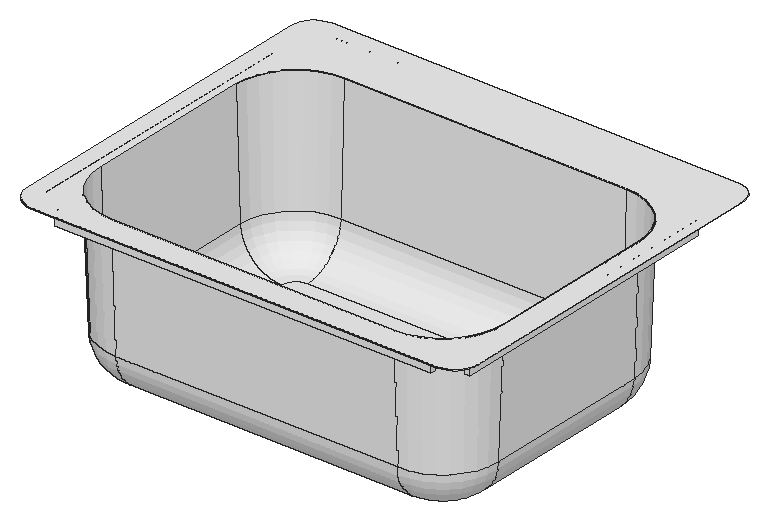
Revit family "Reece_Sink_Posh_Domaine_Inset or Undermount Sink_600 mm", category Plumbing Fixtures, host Face, Revit 2018
Family settings
  Host = Face
  Round Connector Dimension = Use Diameter
  Part Type = Normal
  Cut with Voids When Loaded = Yes
  Shared = Yes
  Room Calculation Point = Yes
Parameters (values of type "45 L_Single Bowl_1 Taphole_Stainless Steel")
  WFU = 0  # constant formula
  URL = "https://www.reece.com.au/product/-2408003"
  Type Comments = "Sink"
  Reece_Taphole_Level [instance] = if(Reece_Sink_is_Undermount, 0 mm, 1 mm)  # 0 mm
  Reece_Sink_is_Undermount [instance] = yes
  Reece_Sink_Undermount_Offset_formula [instance] = if(Reece_Sink_is_Undermount, Reece_Sink_Undermount_Offset + 1 mm, 0 mm)  # 21 mm
  Reece_Sink_Undermount_Offset [instance] = if(Reece_Benchtop_Thickness < 10 mm, 10 mm, if(Reece_Benchtop_Thickness > 50 mm, 50 mm, Reece_Benchtop_Thickness))  # 20 mm
  Reece_Sink_Outlet = 90 mm  # constant formula
  Reece_Product_Web Page = "https://www.reece.com.au/product/-2408003"
  Reece_Product_Type = "Sink"  # constant formula
  Reece_Product_Sub Brand = "Domaine"  # constant formula
  Reece_Product_Number = "2408003"
  Reece_Product_Mount = "Inset / Undermount"
  Reece_Product_Description = "Posh Domaine Trough 45L with 1 Centre Taphole Stainless Steel"
  Reece_Product_Brand = "Posh"  # constant formula
  Reece_Overall_Width = 500 mm  # constant formula
  Reece_Overall_Length = 600 mm  # constant formula
  Reece_Overall_Height = 225 mm  # constant formula
  Reece_Overall_Capacity = 45.00 L  # constant formula
  Reece_Material-Main [instance] = Reece_Metal_Stainless Steel_Satin
  Reece_Detail_Taphole Configuration = "1 Taphole"  # constant formula
  Reece_Detail_Installation = "Inset / Undermount Sink"  # constant formula
  Reece_Detail_Disclaimer = "THIS FILE IS THE PROPERTY OF THE REECE GROUP. IT MAY NOT BE REPRODUCED, REVERSE-ENGINEERED OR MODIFIED. ANY REPUBLICATION, TRANSMISSION OR DISTRIBUTION FOR THE PURPOSE OF COMMERCIALLY EXPLOITING THE FILES IS PROHIBITED."  # constant formula
  Reece_Detail_Bowl Type = "Single Bowl"  # constant formula
  Reece_Detail_Additional = "No Drainer"  # constant formula
  Reece_Benchtop_Thickness [instance] = 20 mm
  Model = "Domaine"
  Manufacturer = "Posh"
  Keynote = "Product #2408003, Reece_Sink_Posh_Domaine_Inset or Undermount Sink_600 mm - 45 L_Single Bowl_1 Taphole_Stainless Steel"
  HWFU = 0  # constant formula
  Disclaimer = "THIS FILE IS THE PROPERTY OF THE REECE GROUP. IT MAY NOT BE REPRODUCED, REVERSE-ENGINEERED OR MODIFIED. ANY REPUBLICATION, TRANSMISSION OR DISTRIBUTION FOR THE PURPOSE OF COMMERCIALLY EXPLOITING THE FILES IS PROHIBITED."  # constant formula
  Description = "Posh Domaine Trough 45L with 1 Centre Taphole Stainless Steel"
  Default Elevation = 1000 mm
  CWFU = 0  # constant formula
Types (2, lengths in mm): name | Keynote
  (no name) | "Product #2408003, Reece_Sink_Posh_Domaine_Inset or Undermount Sink_600 mm -  "
  45 L_Single Bowl_1 Taphole_Stainless Steel | "Product #2408003, Reece_Sink_Posh_Domaine_Inset or Undermount Sink_600 mm - 45 L_Single Bowl_1 Taphole_Stainless Steel"
Reference planes
  plane 1 "Center (Front/Back)": y = -79.125
  plane 2: z = 0
  plane 3 "Center (Left/Right)": x = 0
  plane 4: y = -309.125
  plane 5: y = 190.875
  plane 6: y = -276.625
  plane 7: x = -267.5
  plane 8: y = 108.375
  plane 9: x = -300
  plane 10: x = 300
  plane 11: y = 138.875
  plane 12: x = 267.5
  plane 13 "Waste": y = -84.125
  plane 14: z = -246
  plane 15 "Bottom of Lip": z = -21
  plane 16 "Taphole": z = 0
Forms (mm)
  Extrusion 1, void
    sketch origin (0, -84.125, -296) x (0, -1, 0) y (1, 0, 0)
      loop
        arc (-193.65, -187.5) -> (-169.882, -244.882) -> (-112.5, -268.65) r 81.15
        line (-112.5, -268.65) -> (112.5, -268.65)
        arc (112.5, -268.65) -> (169.882, -244.882) -> (193.65, -187.5) r 81.15
        line (193.65, -187.5) -> (193.65, 187.5)
        arc (193.65, 187.5) -> (169.882, 244.882) -> (112.5, 268.65) r 81.15
        line (112.5, 268.65) -> (-112.5, 268.65)
        arc (-112.5, 268.65) -> (-169.882, 244.882) -> (-193.65, 187.5) r 81.15
        line (-193.65, 187.5) -> (-193.65, -187.5)
    from -20 to 296
Lines and regions (mm)
  model lines
    curve 1: circle (0, 138.875, 0) r 17.5 normal (0, 0, 1)
Text (mm)
  text "Reece Copyright © 2018, Reece Ltd." at (-902.343, -740.328, 0), in view "Ref. Level"
  text "Reece ©" at (544.88, -3.639, -570.74), in view "Reece Preview"
Dimensions and locks
  host sketch curve to plane 3 "Center (Left/Right)" = 440 mm  (x2)
  plane 3 "Center (Left/Right)" to host sketch curve = 431.256 mm  (x2)
  plane 1 "Center (Front/Back)" to host sketch curve = 390 mm
  host sketch curve to plane 1 "Center (Front/Back)" = 389.206 mm
  "Reece_Overall_Width": plane 5 to plane 4
  plane 5 to plane 11 = 52 mm
  "Reece_Overall_Length": plane 9 to plane 10
  plane 8 to plane 6 = 385 mm
  equal spacing: plane 7, plane 3 "Center (Left/Right)", plane 12
  plane 7 to plane 12 = 535 mm
  plane 6 to plane 4 = 32.5 mm
  equal spacing: plane 8, plane 13 "Waste", plane 6
  "Reece_Sink_Undermount_Offset_formula": level to plane 15 "Bottom of Lip"
  "Reece_Taphole_Level": plane 16 "Taphole" to level
  locked: plane 15 "Bottom of Lip" to plane 14 at 225
  aligned and locked: plane 2 to host face
  aligned and locked: level to host face
  aligned and locked: level to Extrusion 1
Automatic sketch dimensions
  curve 1 to plane 3 "Center (Left/Right)" = 0 mm
  curve 1 to plane 11 = 0 mm
  Extrusion 1 sketch curve to nested 1 = 193.65 mm
  Extrusion 1 sketch curve to nested 1 = 112.5 mm
  Extrusion 1 sketch curve to Extrusion 1 sketch curve = 81.15 mm  (x2)
  nested 1 to Extrusion 1 sketch curve = 112.5 mm  (x2)
  Extrusion 1 sketch curve to Extrusion 1 sketch curve = 375 mm
  radius of curve 1 = 17.5 mm
Nested families
  nested 1: "Reece_Sink_Posh_Domaine_Inset or Undermount Sink_600 mm_Nested" at (0, 0, -21), Reece_Material-Main <- "Reece_Material-Main", type "Reece_Sink_Posh_Domaine_Inset or Undermount Sink_600 mm_Nested"
    with Reece_Material-Main Reece_Metal_Stainless Steel_Satin
Connectors
  piping at (0, -84.125, -296), diameter 90, driven by "Reece_Sink_Outlet"
    settings: on nested 1, index 1, connector inside diameter 609.6 mm, connector length 0 mm, flow factor 0, pipe flow 0.0 L/s, pressure drop 0.0 Pa, fitting loss kfactor 0, connector angle 0.00°, fixture units 0, engagement length 0 mm, angle of deflection 0.00°, flow configuration 0, flow direction 2, fitting loss method 0, system type 16, joint type 0, gender type 0, connector reference index -1, connector utility 0, adjustable connector no, is connector primary yes, connector description ""
Definition of nested family "Reece_Sink_Posh_Domaine_Inset or Undermount Sink_600 mm_Nested"
  Parameters (values of type "Reece_Posh_Domaine_Inset or Undermount Sink_600 mm_Nested")
    Waste Connection = no
    WFU = 0
    Vent Connection = no
    URL = ""
    Type Comments = ""
    Reece_Material-Main [instance] = none
    Model = ""
    Manufacturer = ""
    Keynote = ""
    HWFU = 0
    HW Connection = no
    Description = ""
    Default Elevation = 0 mm
    Cost = 0
    CWFU = 0
    CW Connection = no
    Assembly Code = ""
  Reference planes
    plane 1 "Center (Front/Back)": y = -79.125
    plane 2 "Bottom": z = 0
    plane 3 "Center (Left/Right)": x = 0
    plane 4: y = -309.125
    plane 5: y = 190.875
    plane 6: y = -276.625
    plane 7: x = -267.5
    plane 8: y = 108.375
    plane 9: x = -300
    plane 10: x = 300
    plane 11: y = 138.875
    plane 12: x = 267.5
    plane 13 "Waste": y = -84.125
    plane 14: z = -225
  Forms (mm)
    Extrusion 1, solid
      sketch origin (619.2, -619.2, 0) x (1, 0, 0) y (0, 1, 0)
        loop
          line (-1059.2, 930.075) -> (-1059.2, 150.87) -> (-187.944, 150.87) -> (-187.944, 930.075) -> (-1059.2, 930.075)
      from 0 to -300
    Extrusion 2, void
      sketch origin (0, -5, 0) x (1, 0, 0) y (0, 1, 0)
        loop
          line (-37.161, -67.173) -> (-27.759, -70.608)
          spline (-27.759, -70.608) -> (-27.418, -70.731) -> (-27.05, -70.736) -> (-26.685, -70.624) -> (-26.352, -70.403) -> (-26.078, -70.091) -> (-25.886, -69.713) -> (-25.79, -69.3) -> (-25.799, -68.885) -> (-25.912, -68.502) -> (-26.119, -68.181) -> (-26.405, -67.948) -> (-26.745, -67.823)
          line (-26.745, -67.823) -> (-36.165, -64.431)
          spline (-36.165, -64.431) -> (-36.465, -64.263) -> (-36.811, -64.231) -> (-37.169, -64.335) -> (-37.506, -64.568) -> (-37.79, -64.906) -> (-37.996, -65.319) -> (-38.103, -65.767) -> (-38.102, -66.209) -> (-37.992, -66.603) -> (-37.785, -66.913) -> (-37.499, -67.109) -> (-37.161, -67.173)
        loop
          spline (-23.172, -61.627) -> (-22.894, -61.859) -> (-22.55, -61.99) -> (-22.168, -62.01) -> (-21.78, -61.916) -> (-21.416, -61.716) -> (-21.106, -61.427) -> (-20.875, -61.072) -> (-20.741, -60.679) -> (-20.716, -60.28) -> (-20.801, -59.908) -> (-20.99, -59.592) -> (-21.267, -59.357)
          line (-21.267, -59.357) -> (-28.958, -52.948)
          spline (-28.958, -52.948) -> (-29.183, -52.688) -> (-29.497, -52.539) -> (-29.869, -52.515) -> (-30.265, -52.618) -> (-30.648, -52.839) -> (-30.982, -53.156) -> (-31.236, -53.541) -> (-31.386, -53.956) -> (-31.418, -54.364) -> (-31.33, -54.726) -> (-31.128, -55.008) -> (-30.832, -55.184)
          line (-30.832, -55.184) -> (-23.172, -61.627)
        loop
          spline (-15.79, -54.757) -> (-15.608, -55.07) -> (-15.33, -55.311) -> (-14.978, -55.46) -> (-14.581, -55.505) -> (-14.17, -55.442) -> (-13.78, -55.276) -> (-13.441, -55.021) -> (-13.181, -54.698) -> (-13.021, -54.331) -> (-12.974, -53.952) -> (-13.043, -53.591) -> (-13.223, -53.276)
          line (-13.223, -53.276) -> (-18.259, -44.622)
          spline (-18.259, -44.622) -> (-18.382, -44.301) -> (-18.625, -44.054) -> (-18.966, -43.904) -> (-19.374, -43.865) -> (-19.809, -43.942) -> (-20.232, -44.126) -> (-20.602, -44.4) -> (-20.886, -44.739) -> (-21.055, -45.112) -> (-21.095, -45.482) -> (-21.002, -45.816) -> (-20.785, -46.083)
          line (-20.785, -46.083) -> (-15.79, -54.757)
        loop
          spline (-6.504, -50.826) -> (-6.44, -51.183) -> (-6.26, -51.504) -> (-5.981, -51.765) -> (-5.623, -51.942) -> (-5.216, -52.023) -> (-4.792, -52.001) -> (-4.387, -51.878) -> (-4.032, -51.662) -> (-3.756, -51.373) -> (-3.582, -51.033) -> (-3.523, -50.669) -> (-3.585, -50.312)
          line (-3.585, -50.312) -> (-5.357, -40.458)
          spline (-5.357, -40.458) -> (-5.362, -40.114) -> (-5.507, -39.799) -> (-5.776, -39.541) -> (-6.146, -39.365) -> (-6.582, -39.288) -> (-7.042, -39.317) -> (-7.483, -39.448) -> (-7.866, -39.67) -> (-8.152, -39.962) -> (-8.317, -40.296) -> (-8.344, -40.642) -> (-8.23, -40.966)
          line (-8.23, -40.966) -> (-6.504, -50.826)
        loop
          line (5.317, -40.453) -> (3.567, -50.308)
          spline (3.567, -50.308) -> (3.505, -50.665) -> (3.564, -51.029) -> (3.738, -51.369) -> (4.013, -51.659) -> (4.368, -51.874) -> (4.773, -51.998) -> (5.197, -52.02) -> (5.604, -51.939) -> (5.962, -51.762) -> (6.242, -51.502) -> (6.421, -51.18) -> (6.486, -50.824)
          line (6.486, -50.824) -> (8.191, -40.957)
          spline (8.191, -40.957) -> (8.303, -40.633) -> (8.276, -40.287) -> (8.11, -39.953) -> (7.823, -39.661) -> (7.44, -39.44) -> (6.998, -39.309) -> (6.538, -39.281) -> (6.103, -39.359) -> (5.734, -39.535) -> (5.465, -39.793) -> (5.321, -40.109) -> (5.317, -40.453)
        loop
          spline (13.208, -53.266) -> (13.028, -53.581) -> (12.958, -53.942) -> (13.005, -54.321) -> (13.165, -54.688) -> (13.425, -55.011) -> (13.763, -55.266) -> (14.154, -55.432) -> (14.564, -55.496) -> (14.961, -55.451) -> (15.313, -55.303) -> (15.592, -55.062) -> (15.774, -54.749)
          line (15.774, -54.749) -> (20.751, -46.061)
          spline (20.751, -46.061) -> (20.968, -45.794) -> (21.06, -45.459) -> (21.019, -45.089) -> (20.848, -44.717) -> (20.565, -44.378) -> (20.194, -44.104) -> (19.771, -43.92) -> (19.336, -43.845) -> (18.928, -43.884) -> (18.587, -44.034) -> (18.345, -44.282) -> (18.223, -44.603)
          line (18.223, -44.603) -> (13.208, -53.266)
        loop
          spline (21.256, -59.343) -> (20.978, -59.577) -> (20.79, -59.893) -> (20.704, -60.265) -> (20.729, -60.664) -> (20.863, -61.057) -> (21.093, -61.413) -> (21.403, -61.702) -> (21.767, -61.902) -> (22.155, -61.996) -> (22.537, -61.977) -> (22.881, -61.846) -> (23.16, -61.614)
          line (23.16, -61.614) -> (30.808, -55.152)
          spline (30.808, -55.152) -> (31.103, -54.975) -> (31.304, -54.693) -> (31.392, -54.33) -> (31.359, -53.922) -> (31.209, -53.507) -> (30.954, -53.122) -> (30.619, -52.805) -> (30.236, -52.585) -> (29.84, -52.483) -> (29.468, -52.508) -> (29.155, -52.657) -> (28.931, -52.918)
          line (28.931, -52.918) -> (21.256, -59.343)
        loop
          spline (26.739, -67.806) -> (26.399, -67.931) -> (26.114, -68.163) -> (25.906, -68.484) -> (25.793, -68.867) -> (25.784, -69.282) -> (25.879, -69.695) -> (26.071, -70.073) -> (26.345, -70.385) -> (26.678, -70.606) -> (27.043, -70.719) -> (27.411, -70.714) -> (27.752, -70.591)
          line (27.752, -70.591) -> (37.149, -67.134)
          spline (37.149, -67.134) -> (37.487, -67.07) -> (37.772, -66.873) -> (37.979, -66.562) -> (38.088, -66.168) -> (38.088, -65.726) -> (37.98, -65.277) -> (37.774, -64.865) -> (37.489, -64.527) -> (37.152, -64.296) -> (36.794, -64.192) -> (36.449, -64.225) -> (36.149, -64.393)
          line (36.149, -64.393) -> (26.739, -67.806)
        loop
          arc (29, -77.625) -> (27.5, -79.125) -> (29, -80.625) r 1.5
          line (29, -80.625) -> (39, -80.625)
          arc (39, -80.625) -> (40.5, -79.125) -> (39, -77.625) r 1.5
          line (39, -77.625) -> (29, -77.625)
        loop
          spline (27.759, -87.642) -> (27.418, -87.519) -> (27.05, -87.513) -> (26.685, -87.625) -> (26.352, -87.846) -> (26.078, -88.158) -> (25.886, -88.536) -> (25.79, -88.949) -> (25.799, -89.364) -> (25.912, -89.747) -> (26.119, -90.068) -> (26.405, -90.301) -> (26.745, -90.426)
          line (26.745, -90.426) -> (36.165, -93.819)
          spline (36.165, -93.819) -> (36.465, -93.986) -> (36.811, -94.019) -> (37.169, -93.914) -> (37.506, -93.681) -> (37.79, -93.343) -> (37.996, -92.93) -> (38.103, -92.482) -> (38.102, -92.04) -> (37.992, -91.646) -> (37.785, -91.336) -> (37.499, -91.14) -> (37.161, -91.076)
          line (37.161, -91.076) -> (27.759, -87.642)
        loop
          line (30.832, -103.065) -> (23.172, -96.622)
          spline (23.172, -96.622) -> (22.894, -96.39) -> (22.55, -96.259) -> (22.168, -96.239) -> (21.78, -96.333) -> (21.416, -96.533) -> (21.106, -96.822) -> (20.875, -97.177) -> (20.741, -97.57) -> (20.716, -97.969) -> (20.801, -98.342) -> (20.99, -98.658) -> (21.267, -98.892)
          line (21.267, -98.892) -> (28.958, -105.302)
          spline (28.958, -105.302) -> (29.183, -105.562) -> (29.497, -105.71) -> (29.869, -105.734) -> (30.265, -105.631) -> (30.648, -105.411) -> (30.982, -105.093) -> (31.236, -104.709) -> (31.386, -104.293) -> (31.418, -103.885) -> (31.33, -103.523) -> (31.128, -103.241) -> (30.832, -103.065)
        loop
          spline (15.79, -103.492) -> (15.608, -103.179) -> (15.33, -102.938) -> (14.978, -102.789) -> (14.581, -102.745) -> (14.17, -102.808) -> (13.78, -102.973) -> (13.441, -103.228) -> (13.181, -103.552) -> (13.021, -103.918) -> (12.974, -104.297) -> (13.043, -104.659) -> (13.223, -104.973)
          line (13.223, -104.973) -> (18.259, -113.627)
          spline (18.259, -113.627) -> (18.382, -113.949) -> (18.625, -114.196) -> (18.966, -114.345) -> (19.374, -114.384) -> (19.809, -114.308) -> (20.232, -114.124) -> (20.602, -113.849) -> (20.886, -113.51) -> (21.055, -113.137) -> (21.095, -112.767) -> (21.002, -112.433) -> (20.785, -112.167)
          line (20.785, -112.167) -> (15.79, -103.492)
        loop
          spline (6.504, -107.423) -> (6.44, -107.066) -> (6.26, -106.745) -> (5.981, -106.485) -> (5.623, -106.307) -> (5.216, -106.226) -> (4.792, -106.248) -> (4.387, -106.372) -> (4.032, -106.587) -> (3.756, -106.876) -> (3.582, -107.216) -> (3.523, -107.58) -> (3.585, -107.937)
          line (3.585, -107.937) -> (5.357, -117.792)
          spline (5.357, -117.792) -> (5.362, -118.135) -> (5.507, -118.451) -> (5.776, -118.708) -> (6.146, -118.884) -> (6.582, -118.961) -> (7.042, -118.933) -> (7.483, -118.801) -> (7.866, -118.579) -> (8.152, -118.288) -> (8.317, -117.953) -> (8.344, -117.607) -> (8.23, -117.283)
          line (8.23, -117.283) -> (6.504, -107.423)
        loop
          spline (-3.567, -107.941) -> (-3.505, -107.584) -> (-3.564, -107.22) -> (-3.738, -106.88) -> (-4.013, -106.591) -> (-4.368, -106.375) -> (-4.773, -106.251) -> (-5.197, -106.229) -> (-5.604, -106.31) -> (-5.962, -106.487) -> (-6.242, -106.747) -> (-6.421, -107.069) -> (-6.486, -107.426)
          line (-6.486, -107.426) -> (-8.191, -117.292)
          spline (-8.191, -117.292) -> (-8.303, -117.617) -> (-8.276, -117.962) -> (-8.11, -118.297) -> (-7.823, -118.588) -> (-7.44, -118.81) -> (-6.998, -118.94) -> (-6.538, -118.968) -> (-6.103, -118.89) -> (-5.734, -118.714) -> (-5.465, -118.456) -> (-5.321, -118.14) -> (-5.317, -117.797)
          line (-5.317, -117.797) -> (-3.567, -107.941)
        loop
          spline (-13.208, -104.983) -> (-13.028, -104.669) -> (-12.958, -104.307) -> (-13.005, -103.928) -> (-13.165, -103.562) -> (-13.425, -103.238) -> (-13.763, -102.983) -> (-14.154, -102.817) -> (-14.564, -102.754) -> (-14.961, -102.798) -> (-15.313, -102.947) -> (-15.592, -103.187) -> (-15.774, -103.501)
          line (-15.774, -103.501) -> (-20.751, -112.189)
          spline (-20.751, -112.189) -> (-20.968, -112.455) -> (-21.06, -112.79) -> (-21.019, -113.16) -> (-20.848, -113.533) -> (-20.565, -113.872) -> (-20.194, -114.146) -> (-19.771, -114.329) -> (-19.336, -114.405) -> (-18.928, -114.365) -> (-18.587, -114.215) -> (-18.345, -113.967) -> (-18.223, -113.646)
          line (-18.223, -113.646) -> (-13.208, -104.983)
        loop
          spline (-21.256, -98.906) -> (-20.978, -98.672) -> (-20.79, -98.356) -> (-20.704, -97.984) -> (-20.729, -97.585) -> (-20.863, -97.192) -> (-21.093, -96.837) -> (-21.403, -96.547) -> (-21.767, -96.348) -> (-22.155, -96.253) -> (-22.537, -96.273) -> (-22.881, -96.404) -> (-23.16, -96.636)
          line (-23.16, -96.636) -> (-30.808, -103.097)
          spline (-30.808, -103.097) -> (-31.103, -103.274) -> (-31.304, -103.557) -> (-31.392, -103.919) -> (-31.359, -104.327) -> (-31.209, -104.743) -> (-30.954, -105.127) -> (-30.619, -105.444) -> (-30.236, -105.664) -> (-29.84, -105.766) -> (-29.468, -105.741) -> (-29.155, -105.592) -> (-28.931, -105.331)
          line (-28.931, -105.331) -> (-21.256, -98.906)
        loop
          spline (-26.739, -90.444) -> (-26.399, -90.318) -> (-26.114, -90.086) -> (-25.906, -89.765) -> (-25.793, -89.382) -> (-25.784, -88.967) -> (-25.879, -88.554) -> (-26.071, -88.176) -> (-26.345, -87.864) -> (-26.678, -87.643) -> (-27.043, -87.53) -> (-27.411, -87.536) -> (-27.752, -87.658)
          line (-27.752, -87.658) -> (-37.149, -91.115)
          spline (-37.149, -91.115) -> (-37.487, -91.18) -> (-37.772, -91.377) -> (-37.979, -91.687) -> (-38.088, -92.082) -> (-38.088, -92.524) -> (-37.98, -92.972) -> (-37.774, -93.384) -> (-37.489, -93.722) -> (-37.152, -93.954) -> (-36.794, -94.058) -> (-36.449, -94.024) -> (-36.149, -93.856)
          line (-36.149, -93.856) -> (-26.739, -90.444)
        loop
          line (-39, -80.625) -> (-29, -80.625)
          arc (-29, -80.625) -> (-27.5, -79.125) -> (-29, -77.625) r 1.5
          line (-29, -77.625) -> (-39, -77.625)
          arc (-39, -77.625) -> (-40.5, -79.125) -> (-39, -80.625) r 1.5
      from -250 to -170
    Revolve 3, solid, material <- "Reece_Material-Main"
      sketch origin (0, -84.125, 0) x (-1, 0, 0) y (0, 0, 1)
        loop
          line (0, -235.288) -> (0, -216.502)
          arc (0, -216.502) -> (-1.882, -216.621) -> (-3.735, -216.976) r 14.946
          arc (-3.735, -216.976) -> (-4.121, -217.545) -> (-3.605, -218) r 0.52
          line (-3.605, -218) -> (-2.208, -218)
          arc (-2.208, -218) -> (-2.841, -226.35) -> (-5.509, -234.288) r 33.775
          line (-5.509, -234.288) -> (-26.995, -234.288)
          arc (-26.995, -234.288) -> (-37.68, -230.681) -> (-43.995, -221.336) r 17.633
          arc (-43.995, -221.336) -> (-44.497, -220.833) -> (-45, -221.336) r 0.503
          line (-45, -221.336) -> (-45, -219.539)
          arc (-45, -219.539) -> (-45.176, -219.114) -> (-45.601, -218.938) r 0.601
          line (-45.601, -218.938) -> (-58, -218.938) -> (-58, -218)
          arc (-58, -218) -> (-58.293, -217.293) -> (-59, -217) r 1
          line (-59, -217) -> (-59.969, -217) -> (-59.969, -218.543) -> (-57.5, -220.465) -> (-46, -220.465) -> (-46, -221.992) -> (-44.847, -221.992)
          arc (-44.847, -221.992) -> (-38.124, -231.598) -> (-26.995, -235.288) r 18.633
          line (-26.995, -235.288) -> (0, -235.288)
        axis (0, -216.502) -> (0, -235.288)
      angle from 0 to 360
    Extrusion 4, solid, material <- "Reece_Material-Main"
      sketch origin (0, 0, 0) x (1, 0, 0) y (0, 1, 0)
        loop
          arc (-270, 190.875) -> (-291.213, 182.089) -> (-300, 160.875) r 30
          line (-300, 160.875) -> (-300, -279.125)
          arc (-300, -279.125) -> (-291.213, -300.338) -> (-270, -309.125) r 30
          line (-270, -309.125) -> (270, -309.125)
          arc (270, -309.125) -> (291.213, -300.338) -> (300, -279.125) r 30
          line (300, -279.125) -> (300, 160.875)
          arc (300, 160.875) -> (291.213, 182.089) -> (270, 190.875) r 30
          line (270, 190.875) -> (-270, 190.875)
        loop
          arc (-187.5, 108.375) -> (-244.069, 84.944) -> (-267.5, 28.375) r 80
          line (-267.5, 28.375) -> (-267.5, -196.625)
          arc (-267.5, -196.625) -> (-244.069, -253.193) -> (-187.5, -276.625) r 80
          line (-187.5, -276.625) -> (187.5, -276.625)
          arc (187.5, -276.625) -> (244.069, -253.193) -> (267.5, -196.625) r 80
          line (267.5, -196.625) -> (267.5, 28.375)
          arc (267.5, 28.375) -> (244.069, 84.944) -> (187.5, 108.375) r 80
          line (187.5, 108.375) -> (-187.5, 108.375)
      from 0 to 1
    Sweep 5, solid, material <- "Reece_Material-Main"
      path origin (0, 0, 0) x (1, 0, 0) y (0, 1, 0)
        loop
          line (-267.5, 28.375) -> (-267.5, -196.625)
          arc (-267.5, -196.625) -> (-244.069, -253.193) -> (-187.5, -276.625) r 80
          line (-187.5, -276.625) -> (187.5, -276.625)
          arc (187.5, -276.625) -> (244.069, -253.193) -> (267.5, -196.625) r 80
          line (267.5, -196.625) -> (267.5, 28.375)
          arc (267.5, 28.375) -> (244.069, 84.944) -> (187.5, 108.375) r 80
          line (187.5, 108.375) -> (-187.5, 108.375)
          arc (-187.5, 108.375) -> (-244.069, 84.944) -> (-267.5, 28.375) r 80
      profile origin (-267.5, -84.125, 0) x (-1, 0, 0) y (0, 0, 1)
        loop
          line (-60.83, -217) -> (-68.167, -217) -> (-68.167, -218) -> (-60.83, -218)
          arc (-60.83, -218) -> (-21.942, -202.295) -> (-4.866, -163.99) r 56
          line (-4.866, -163.99) -> (0.971, 0.156) -> (0, 1) -> (-5.865, -163.954)
          arc (-5.865, -163.954) -> (-22.637, -201.576) -> (-60.83, -217) r 55
    Sweep 6, void
      path origin (0, 0, 0) x (1, 0, 0) y (0, 1, 0)
        loop
          line (-267.5, 28.375) -> (-267.5, -196.625)
          arc (-267.5, -196.625) -> (-244.069, -253.193) -> (-187.5, -276.625) r 80
          line (-187.5, -276.625) -> (187.5, -276.625)
          arc (187.5, -276.625) -> (244.069, -253.193) -> (267.5, -196.625) r 80
          line (267.5, -196.625) -> (267.5, 28.375)
          arc (267.5, 28.375) -> (244.069, 84.944) -> (187.5, 108.375) r 80
          line (187.5, 108.375) -> (-187.5, 108.375)
          arc (-187.5, 108.375) -> (-244.069, 84.944) -> (-267.5, 28.375) r 80
      profile origin (-267.5, -84.125, 0) x (-1, 0, 0) y (0, 0, 1)
        loop
          line (1.15, 0) -> (0, 1) -> (0, 0) -> (1.15, 0)
    Extrusion 7, solid, material <- "Reece_Material-Main"
      sketch origin (0, 0, 0) x (1, 0, 0) y (0, 1, 0)
        loop
          arc (-187.5, 40.209) -> (-195.867, 36.743) -> (-199.333, 28.375) r 11.833
          line (-199.333, 28.375) -> (-199.333, -196.625)
          arc (-199.333, -196.625) -> (-195.867, -204.992) -> (-187.5, -208.458) r 11.833
          line (-187.5, -208.458) -> (187.5, -208.458)
          arc (187.5, -208.458) -> (195.867, -204.992) -> (199.333, -196.625) r 11.833
          line (199.333, -196.625) -> (199.333, 28.375)
          arc (199.333, 28.375) -> (195.867, 36.743) -> (187.5, 40.209) r 11.833
          line (187.5, 40.209) -> (-187.5, 40.209)
        loop
          circle (0, -84.125) r 59.039
      from -218 to -217
    Revolve 8, solid, material <- "Reece_Material-Main"
      sketch origin (0, -84.125, 0) x (-1, 0, 0) y (0, 0, 1)
        loop
          line (-45, -225) -> (-64.654, -218) -> (-70.615, -218) -> (-47, -226.411) -> (-47, -275) -> (-45, -275) -> (-45, -225)
        axis (0, -275) -> (0, -218)
      angle from 0 to 360
    Extrusion 9, solid, material <- "Reece_Material-Main", detail levels fine
      sketch origin (0, 0, 0) x (1, 0, 0) y (0, 1, 0)
        loop
          line (250, 175.875) -> (-250, 175.875) -> (-250, 168.875) -> (250, 168.875) -> (250, 175.875)
        loop
          line (286, -274.625) -> (286, 105.375) -> (279, 105.375) -> (279, -274.625) -> (286, -274.625)
        loop
          line (-286, -274.625) -> (-279, -274.625) -> (-279, 105.375) -> (-286, 105.375) -> (-286, -274.625)
        loop
          line (250, -295.125) -> (250, -288.125) -> (-250, -288.125) -> (-250, -295.125) -> (250, -295.125)
      from 0 to -20
  Cuts and joins
    Extrusion 2 cuts Revolve 3
    joined: Revolve 3, Sweep 5, Extrusion 7
    Sweep 6 cuts Extrusion 4
  Text (mm)
    text "Reece Copyright © 2018, Reece Ltd." at (-902.343, -740.328, 0), in view "Ref. Level"
    text "Reece ©" at (44.384, 258.95, 192.345), in view "Reece Preview"
  Dimensions and locks
    Extrusion 1 sketch curve to plane 3 "Center (Left/Right)" = 440 mm  (x2)
    plane 3 "Center (Left/Right)" to Extrusion 1 sketch curve = 431.256 mm  (x2)
    plane 1 "Center (Front/Back)" to Extrusion 1 sketch curve = 390 mm
    Extrusion 1 sketch curve to plane 1 "Center (Front/Back)" = 389.206 mm
    plane 5 to plane 4 = 500 mm
    plane 5 to plane 11 = 52 mm
    plane 9 to plane 10 = 600 mm
    plane 8 to plane 6 = 385 mm
    equal spacing: plane 7, plane 3 "Center (Left/Right)", plane 12
    plane 7 to plane 12 = 535 mm
    equal spacing: plane 8, plane 13 "Waste", plane 6
    Revolve 3 sketch curve to plane 3 "Center (Left/Right)" = 58 mm
    plane 6 to plane 4 = 32.5 mm
    aligned and locked: plane 2 "Bottom" to Extrusion 1
    aligned and locked: level to Extrusion 1
    aligned and locked: Extrusion 4 sketch curve to plane 4
    aligned and locked: Extrusion 4 sketch curve to plane 9
    aligned and locked: Extrusion 4 sketch curve to plane 10
    aligned and locked: Extrusion 4 sketch curve to plane 5
  Automatic sketch dimensions
    plane 1 "Center (Front/Back)" to Extrusion 2 sketch curve = 5 mm  (x2)
    plane 1 "Center (Front/Back)" to Extrusion 2 sketch curve = 6.5 mm
    Extrusion 2 sketch curve to plane 3 "Center (Left/Right)" = 39 mm
    Extrusion 2 sketch curve to plane 1 "Center (Front/Back)" = 6.951 mm
    Extrusion 2 sketch curve to Extrusion 2 sketch curve = 1.839 mm
    plane 1 "Center (Front/Back)" to Extrusion 2 sketch curve = 16.99 mm
    Extrusion 2 sketch curve to Extrusion 2 sketch curve = 1.851 mm
    Extrusion 2 sketch curve to plane 1 "Center (Front/Back)" = 9.694 mm
    Extrusion 2 sketch curve to Extrusion 2 sketch curve = 0.996 mm  (x2)
    plane 1 "Center (Front/Back)" to Extrusion 2 sketch curve = 19.731 mm
    Extrusion 2 sketch curve to Extrusion 2 sketch curve = 1 mm  (x2)
    Extrusion 2 sketch curve to Extrusion 2 sketch curve = 5.333 mm
    Extrusion 2 sketch curve to Extrusion 2 sketch curve = 5.341 mm
    Extrusion 2 sketch curve to Extrusion 2 sketch curve = 10 mm  (x2)
    Extrusion 2 sketch curve to Extrusion 2 sketch curve = 1.874 mm  (x2)
    Extrusion 2 sketch curve to Extrusion 2 sketch curve = 1.877 mm  (x2)
    Extrusion 2 sketch curve to plane 1 "Center (Front/Back)" = 3.517 mm
    Extrusion 2 sketch curve to Extrusion 2 sketch curve = 1.241 mm
    plane 1 "Center (Front/Back)" to Extrusion 2 sketch curve = 13.534 mm
    Extrusion 2 sketch curve to Extrusion 2 sketch curve = 1.248 mm  (x2)
    Extrusion 2 sketch curve to Extrusion 2 sketch curve = 1.014 mm  (x2)
    Extrusion 2 sketch curve to Extrusion 2 sketch curve = 1.013 mm  (x2)
    Extrusion 2 sketch curve to Extrusion 2 sketch curve = 3.573 mm  (x2)
    Extrusion 2 sketch curve to Extrusion 2 sketch curve = 3.58 mm  (x2)
    Extrusion 2 sketch curve to Extrusion 2 sketch curve = 1.906 mm  (x2)
    Extrusion 2 sketch curve to Extrusion 2 sketch curve = 1.904 mm  (x2)
    Extrusion 2 sketch curve to Extrusion 2 sketch curve = 8.174 mm
    Extrusion 2 sketch curve to Extrusion 2 sketch curve = 8.18 mm
    Extrusion 2 sketch curve to Extrusion 2 sketch curve = 2.526 mm  (x2)
    Extrusion 2 sketch curve to Extrusion 2 sketch curve = 2.528 mm  (x2)
    Extrusion 2 sketch curve to Extrusion 2 sketch curve = 5.476 mm  (x2)
    Extrusion 2 sketch curve to Extrusion 2 sketch curve = 5.482 mm  (x2)
    Extrusion 2 sketch curve to Extrusion 2 sketch curve = 2.567 mm  (x2)
    Extrusion 2 sketch curve to Extrusion 2 sketch curve = 2.566 mm  (x2)
    Extrusion 2 sketch curve to plane 3 "Center (Left/Right)" = 8.23 mm
    Extrusion 2 sketch curve to plane 3 "Center (Left/Right)" = 8.191 mm
    Extrusion 2 sketch curve to plane 3 "Center (Left/Right)" = 6.504 mm
    Extrusion 2 sketch curve to plane 3 "Center (Left/Right)" = 6.486 mm
    Extrusion 2 sketch curve to Extrusion 2 sketch curve = 2.873 mm  (x2)
    Extrusion 2 sketch curve to Extrusion 2 sketch curve = 2.874 mm  (x2)
    Extrusion 2 sketch curve to Extrusion 2 sketch curve = 2.919 mm  (x2)
    Extrusion 2 sketch curve to Extrusion 2 sketch curve = 2.918 mm  (x2)
    plane 3 "Center (Left/Right)" to Extrusion 2 sketch curve = 3.567 mm
    plane 3 "Center (Left/Right)" to Extrusion 2 sketch curve = 3.585 mm
    plane 3 "Center (Left/Right)" to Extrusion 2 sketch curve = 5.317 mm
    plane 3 "Center (Left/Right)" to Extrusion 2 sketch curve = 5.357 mm
    Extrusion 2 sketch curve to Extrusion 2 sketch curve = 6.722 mm
    Extrusion 2 sketch curve to Extrusion 2 sketch curve = 6.72 mm
    Extrusion 2 sketch curve to Extrusion 2 sketch curve = 5.015 mm
    Extrusion 2 sketch curve to Extrusion 2 sketch curve = 5.036 mm
    plane 1 "Center (Front/Back)" to Extrusion 2 sketch curve = 16.302 mm
    Extrusion 2 sketch curve to plane 1 "Center (Front/Back)" = 3.534 mm
    plane 1 "Center (Front/Back)" to Extrusion 2 sketch curve = 13.517 mm
    Extrusion 2 sketch curve to Extrusion 2 sketch curve = 7.675 mm
    Extrusion 2 sketch curve to Extrusion 2 sketch curve = 7.692 mm
    plane 1 "Center (Front/Back)" to Extrusion 2 sketch curve = 3.5 mm
    Extrusion 2 sketch curve to plane 1 "Center (Front/Back)" = 9.731 mm
    Extrusion 2 sketch curve to Extrusion 2 sketch curve = 9.41 mm
    plane 1 "Center (Front/Back)" to Extrusion 2 sketch curve = 19.694 mm
    Extrusion 2 sketch curve to Extrusion 2 sketch curve = 9.42 mm
    Extrusion 2 sketch curve to plane 1 "Center (Front/Back)" = 6.99 mm
    plane 1 "Center (Front/Back)" to Extrusion 2 sketch curve = 16.951 mm
    Extrusion 2 sketch curve to Extrusion 2 sketch curve = 6.196 mm  (x2)
    Extrusion 2 sketch curve to Extrusion 2 sketch curve = 8.977 mm
    Extrusion 2 sketch curve to Extrusion 2 sketch curve = 2.27 mm  (x2)
    Extrusion 2 sketch curve to Extrusion 2 sketch curve = 2.271 mm  (x2)
    Extrusion 2 sketch curve to Extrusion 2 sketch curve = 6.443 mm  (x2)
    Extrusion 2 sketch curve to Extrusion 2 sketch curve = 6.462 mm  (x2)
    Extrusion 2 sketch curve to Extrusion 2 sketch curve = 4.6 mm  (x2)
    Extrusion 2 sketch curve to Extrusion 2 sketch curve = 4.594 mm  (x2)
    Extrusion 2 sketch curve to Extrusion 2 sketch curve = 1.481 mm  (x2)
    Extrusion 2 sketch curve to Extrusion 2 sketch curve = 1.482 mm  (x2)
    Extrusion 2 sketch curve to Extrusion 2 sketch curve = 2.237 mm  (x2)
    Extrusion 2 sketch curve to Extrusion 2 sketch curve = 2.234 mm  (x2)
    Extrusion 2 sketch curve to Extrusion 2 sketch curve = 2.45 mm  (x2)
    Extrusion 2 sketch curve to Extrusion 2 sketch curve = 2.443 mm  (x2)
    Extrusion 2 sketch curve to Extrusion 2 sketch curve = 0.514 mm  (x2)
    Extrusion 2 sketch curve to Extrusion 2 sketch curve = 0.515 mm  (x2)
    Extrusion 2 sketch curve to Extrusion 2 sketch curve = 8.674 mm  (x2)
    Extrusion 2 sketch curve to Extrusion 2 sketch curve = 8.688 mm  (x2)
    Extrusion 2 sketch curve to Extrusion 2 sketch curve = 1.461 mm  (x2)
    Extrusion 2 sketch curve to Extrusion 2 sketch curve = 1.457 mm  (x2)
    Extrusion 2 sketch curve to Extrusion 2 sketch curve = 9.86 mm  (x2)
    Extrusion 2 sketch curve to Extrusion 2 sketch curve = 9.866 mm  (x2)
    Extrusion 2 sketch curve to Extrusion 2 sketch curve = 0.509 mm  (x2)
    Extrusion 2 sketch curve to Extrusion 2 sketch curve = 0.505 mm  (x2)
    Extrusion 2 sketch curve to Extrusion 2 sketch curve = 2.785 mm  (x3)
    Extrusion 2 sketch curve to Extrusion 2 sketch curve = 6.192 mm
    Extrusion 2 sketch curve to Extrusion 2 sketch curve = 0.3 mm  (x2)
    Extrusion 2 sketch curve to Extrusion 2 sketch curve = 0.216 mm  (x2)
    Extrusion 2 sketch curve to Extrusion 2 sketch curve = 0.782 mm  (x2)
    Extrusion 2 sketch curve to Extrusion 2 sketch curve = 0.262 mm  (x2)
    Extrusion 2 sketch curve to Extrusion 2 sketch curve = 0.265 mm  (x2)
    Extrusion 2 sketch curve to Extrusion 2 sketch curve = 0.707 mm  (x2)
    Extrusion 2 sketch curve to Extrusion 2 sketch curve = 1.168 mm  (x2)
    Extrusion 2 sketch curve to Extrusion 2 sketch curve = 0.194 mm  (x2)
    Extrusion 2 sketch curve to Extrusion 2 sketch curve = 0.162 mm  (x2)
    Extrusion 2 sketch curve to Extrusion 2 sketch curve = 0.674 mm  (x2)
    Extrusion 2 sketch curve to Extrusion 2 sketch curve = 0.34 mm  (x2)
    Extrusion 2 sketch curve to Extrusion 2 sketch curve = 0.172 mm  (x2)
    Extrusion 2 sketch curve to Extrusion 2 sketch curve = 0.127 mm  (x2)
    Extrusion 2 sketch curve to Extrusion 2 sketch curve = 1.089 mm  (x2)
    Extrusion 2 sketch curve to Extrusion 2 sketch curve = 0.816 mm  (x2)
    Extrusion 2 sketch curve to Extrusion 2 sketch curve = 0.146 mm  (x2)
    Extrusion 2 sketch curve to Extrusion 2 sketch curve = 0.198 mm  (x2)
    Extrusion 2 sketch curve to Extrusion 2 sketch curve = 1.113 mm  (x2)
    Extrusion 2 sketch curve to Extrusion 2 sketch curve = 1.414 mm  (x2)
    Extrusion 2 sketch curve to Extrusion 2 sketch curve = 0.102 mm  (x4)
    Extrusion 2 sketch curve to Extrusion 2 sketch curve = 0.076 mm  (x2)
    Extrusion 2 sketch curve to Extrusion 2 sketch curve = 1.372 mm  (x2)
    Extrusion 2 sketch curve to Extrusion 2 sketch curve = 1.194 mm  (x2)
    Extrusion 2 sketch curve to Extrusion 2 sketch curve = 0.106 mm  (x2)
    Extrusion 2 sketch curve to Extrusion 2 sketch curve = 1.384 mm  (x2)
    Extrusion 2 sketch curve to Extrusion 2 sketch curve = 1.489 mm  (x2)
    Extrusion 2 sketch curve to Extrusion 2 sketch curve = 0.017 mm  (x2)
    Extrusion 2 sketch curve to Extrusion 2 sketch curve = 0.003 mm  (x2)
    Extrusion 2 sketch curve to Extrusion 2 sketch curve = 1.49 mm  (x2)
    Extrusion 2 sketch curve to Extrusion 2 sketch curve = 1.428 mm  (x2)
    Extrusion 2 sketch curve to Extrusion 2 sketch curve = 0.045 mm  (x2)
    Extrusion 4 sketch curve to plane 7 = 0 mm
    Extrusion 4 sketch curve to plane 8 = 0 mm
    Extrusion 4 sketch curve to plane 6 = 0 mm
    Extrusion 4 sketch curve to plane 12 = 0 mm
    Extrusion 4 sketch curve to plane 5 = 30 mm
    plane 9 to Extrusion 4 sketch curve = 30 mm
    plane 6 to Extrusion 4 sketch curve = 80 mm  (x2)
    Extrusion 4 sketch curve to Extrusion 4 sketch curve = 80 mm
    plane 12 to Extrusion 4 sketch curve = 80 mm
    Extrusion 4 sketch curve to plane 12 = 2.5 mm
    Extrusion 4 sketch curve to plane 6 = 2.5 mm
    Sweep 5 sketch curve to plane 7 = 0 mm
    Sweep 5 sketch curve to plane 8 = 0 mm
    Sweep 5 sketch curve to plane 6 = 0 mm
    Sweep 5 sketch curve to plane 12 = 0 mm
    plane 7 to Sweep 5 sketch curve = 80 mm
    plane 6 to Sweep 5 sketch curve = 80 mm  (x2)
    Sweep 5 sketch curve to plane 8 = 80 mm
    Sweep 6 sketch curve to plane 7 = 0 mm
    Sweep 6 sketch curve to plane 8 = 0 mm
    Sweep 6 sketch curve to plane 6 = 0 mm
    Sweep 6 sketch curve to plane 12 = 0 mm
    plane 7 to Sweep 6 sketch curve = 80 mm
    plane 6 to Sweep 6 sketch curve = 80 mm  (x2)
    Sweep 6 sketch curve to plane 8 = 80 mm
    plane 7 to Extrusion 7 sketch curve = 68.167 mm
    Extrusion 7 sketch curve to Extrusion 7 sketch curve = 11.833 mm  (x3)
    plane 12 to Extrusion 7 sketch curve = 80 mm  (x2)
    plane 6 to Extrusion 7 sketch curve = 68.167 mm
    Extrusion 7 sketch curve to plane 8 = 80 mm
    Extrusion 7 sketch curve to Extrusion 7 sketch curve = 0 mm  (x2)
    Extrusion 7 sketch curve to plane 13 "Waste" = 0 mm
    Extrusion 7 sketch curve to plane 3 "Center (Left/Right)" = 0 mm
    Extrusion 7 sketch curve to Extrusion 7 sketch curve = 59.039 mm
    Extrusion 9 sketch curve to plane 8 = 3 mm  (x2)
    plane 6 to Extrusion 9 sketch curve = 2 mm  (x2)
    plane 9 to Extrusion 9 sketch curve = 14 mm
    Extrusion 9 sketch curve to Extrusion 9 sketch curve = 7 mm  (x4)
    plane 7 to Extrusion 9 sketch curve = 17.5 mm  (x2)
    plane 12 to Extrusion 9 sketch curve = 17.5 mm  (x2)
    Extrusion 9 sketch curve to plane 12 = 11.5 mm
    plane 4 to Extrusion 9 sketch curve = 21 mm
    Extrusion 9 sketch curve to plane 5 = 22 mm
    Revolve 8 sketch curve to plane 14 = 0 mm
    Revolve 8 sketch curve to plane 3 "Center (Left/Right)" = 0 mm
    plane 3 "Center (Left/Right)" to Revolve 8 sketch curve = 45 mm
    Revolve 8 sketch curve to Revolve 8 sketch curve = 2 mm
    plane 14 to Revolve 8 sketch curve = 7 mm
    Revolve 8 sketch curve to Revolve 8 sketch curve = 17.654 mm
    Revolve 8 sketch curve to Revolve 8 sketch curve = 5.961 mm
    Revolve 8 sketch curve to plane 14 = 1.411 mm
    Revolve 8 sketch curve to Revolve 8 sketch curve = 48.589 mm
    plane 14 to Revolve 8 sketch curve = 20 mm
    Revolve 8 sketch curve to Revolve 8 sketch curve = 15 mm
    level to Sweep 6 sketch curve = 1 mm
    profile plane to Sweep 6 sketch curve = 0 mm
    Sweep 6 sketch curve to profile plane = 1.15 mm
    Sweep 6 sketch curve to level = 0 mm
    Sweep 5 sketch curve to Sweep 5 sketch curve = 0 mm  (x2)
    Sweep 5 sketch curve to profile plane = 0 mm
    profile plane to Sweep 5 sketch curve = 4.866 mm
    Sweep 5 sketch curve to Sweep 5 sketch curve = 0.999 mm
    Sweep 5 sketch curve to Sweep 5 sketch curve = 54.965 mm
    Sweep 5 sketch curve to Sweep 5 sketch curve = 7.336 mm
    Sweep 5 sketch curve to level = 218 mm
    Sweep 5 sketch curve to Sweep 5 sketch curve = 1 mm
    Sweep 5 sketch curve to Sweep 5 sketch curve = 53.01 mm
    level to Sweep 5 sketch curve = 0.156 mm
    Sweep 5 sketch curve to profile plane = 0.971 mm
    level to Sweep 5 sketch curve = 1 mm
    Revolve 3 sketch curve to Revolve 3 sketch curve = 0 mm  (x2)
    Revolve 3 sketch curve to plane 3 "Center (Left/Right)" = 0 mm  (x2)
    Revolve 3 sketch curve to Revolve 3 sketch curve = 1 mm
    Revolve 3 sketch curve to Revolve 3 sketch curve = 0.969 mm
    plane 14 to Revolve 3 sketch curve = 4.535 mm
    Revolve 3 sketch curve to Revolve 3 sketch curve = 12 mm
    Revolve 3 sketch curve to Revolve 3 sketch curve = 0.399 mm
    Revolve 3 sketch curve to Revolve 3 sketch curve = 0.601 mm
    Revolve 3 sketch curve to Revolve 3 sketch curve = 0.153 mm
    Revolve 3 sketch curve to Revolve 3 sketch curve = 0.503 mm
    plane 14 to Revolve 3 sketch curve = 5.358 mm
    Revolve 3 sketch curve to Revolve 3 sketch curve = 8.051 mm
    Revolve 3 sketch curve to Revolve 3 sketch curve = 8.949 mm
    plane 3 "Center (Left/Right)" to Revolve 3 sketch curve = 5.509 mm
    plane 3 "Center (Left/Right)" to Revolve 3 sketch curve = 3.605 mm
    Revolve 3 sketch curve to Revolve 3 sketch curve = 1.397 mm
    Revolve 3 sketch curve to Revolve 3 sketch curve = 0.871 mm
    Revolve 3 sketch curve to Revolve 3 sketch curve = 0.656 mm
    Revolve 3 sketch curve to plane 14 = 6.448 mm
    Revolve 3 sketch curve to Revolve 3 sketch curve = 2.84 mm
    Revolve 3 sketch curve to Revolve 3 sketch curve = 0.926 mm
    Revolve 3 sketch curve to Revolve 3 sketch curve = 0.937 mm
    Revolve 3 sketch curve to Revolve 3 sketch curve = 0.52 mm
    Revolve 3 sketch curve to Revolve 3 sketch curve = 1.498 mm
    plane 14 to Revolve 3 sketch curve = 6.457 mm
    Revolve 3 sketch curve to Revolve 3 sketch curve = 0.5 mm
    Revolve 3 sketch curve to plane 14 = 2.335 mm
    Revolve 3 sketch curve to Revolve 3 sketch curve = 0.157 mm
